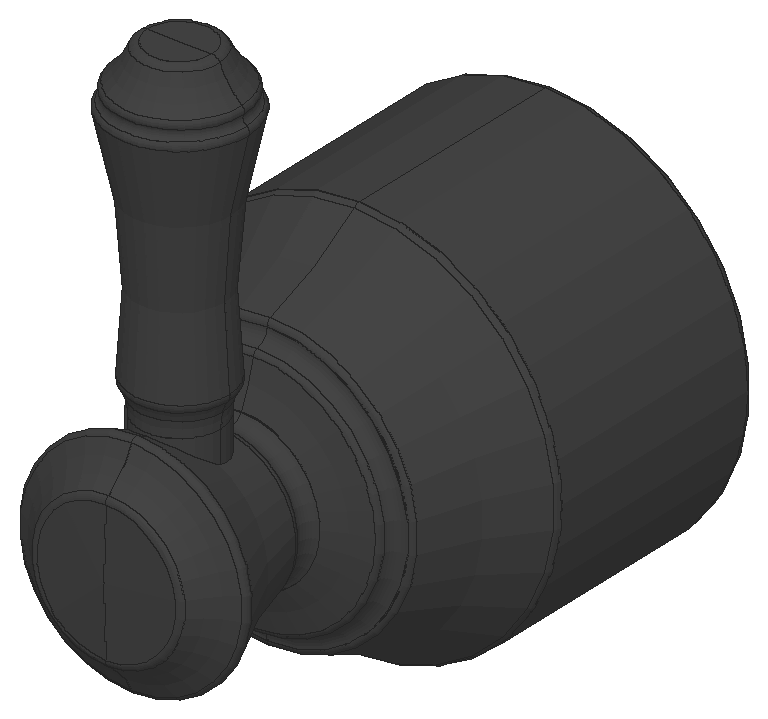
Revit family "Delta Bath Cassidy FGH597", category Plumbing Fixtures, host Wall, Revit 2013
Parameters
  URL = "http://www.deltafaucet.com "
  Valve = Stainless Steel
  Model = "FGH597"
  Manufacturer = "Delta"
Reference planes (in)
  plane 1: y = -3
  plane 2 "Center (Left/Right)": x = 0
  plane 3 "Wall Edge": y = 9
  plane 4: y = -3
  plane 5: y = -3
  plane 6: y = -0.75108
Forms (in)
  Revolve 1, solid, material "Stainless Steel" <- "Valve", not visible
    sketch origin (0, 0, -12.12621) x (0, 1, 0) y (0, 0, 1)
      loop
        line (-4.0729, 70.06383) -> (-4.0729, 69.11883) -> (-3, 69.11883) -> (-3, 70.03383)
        arc (-3, 70.03383) -> (-3.00879, 70.05505) -> (-3.03, 70.06383) r 0.03
        line (-3.03, 70.06383) -> (-4.0729, 70.06383)
      axis (-3, 69.11883) -> (-4.0729, 69.11883)
    angle from 0 to 360
  Revolve 2, solid, material "Stainless Steel" <- "Valve", not visible
    sketch origin (0, 0, -12.12621) x (0, 1, 0) y (0, 0, 1)
      loop
        line (-4.61189, 69.77715) -> (-4.61189, 69.11883) -> (-4.0729, 69.11883) -> (-4.0729, 70.06383)
        arc (-4.0729, 70.06383) -> (-4.0879, 70.05905) -> (-4.10101, 70.05034) r 0.0569
        arc (-4.10101, 70.05034) -> (-4.33562, 69.90704) -> (-4.59118, 69.80568) r 1.61223
        arc (-4.59118, 69.80568) -> (-4.60616, 69.79478) -> (-4.61189, 69.77715) r 0.03
      axis (-4.0729, 69.11883) -> (-4.61189, 69.11883)
    angle from 0 to 360
  Revolve 3, solid, material "Stainless Steel" <- "Valve", not visible
    sketch origin (0, 0, -12.12621) x (0, 1, 0) y (0, 0, 1)
      loop
        arc (-4.69139, 69.68624) -> (-4.72035, 69.58411) -> (-4.76373, 69.48712) r 0.73757
        line (-4.76373, 69.48712) -> (-4.76373, 69.11839) -> (-4.61189, 69.11839) -> (-4.61189, 69.77715)
        arc (-4.61189, 69.77715) -> (-4.62737, 69.73316) -> (-4.66762, 69.70962) r 0.06769
        arc (-4.66762, 69.70962) -> (-4.68305, 69.70154) -> (-4.69139, 69.68624) r 0.03
      axis (-4.61189, 69.11839) -> (-4.76373, 69.11839)
    angle from 0 to 360
  Revolve 4, solid, material "Stainless Steel" <- "Valve", not visible
    sketch origin (0, 0, -12.12621) x (0, 1, 0) y (0, 0, 1)
      loop
        line (-4.76373, 69.11839) -> (-5.5668, 69.11839) -> (-5.55622, 68.79093)
        arc (-5.55622, 68.79093) -> (-5.55304, 68.77366) -> (-5.54166, 68.76028) r 0.03398
        arc (-5.54166, 68.76028) -> (-5.46375, 68.68921) -> (-5.40766, 68.59992) r 0.39129
        arc (-5.40766, 68.59992) -> (-5.38954, 68.58376) -> (-5.36539, 68.5863) r 0.03
        arc (-5.36539, 68.5863) -> (-5.14262, 68.68969) -> (-4.90531, 68.75292) r 1.41217
        arc (-4.90531, 68.75292) -> (-4.88969, 68.7568) -> (-4.87667, 68.76628) r 0.04199
        arc (-4.87667, 68.76628) -> (-4.81647, 68.78806) -> (-4.76373, 68.75175) r 0.07
        line (-4.76373, 68.75175) -> (-4.76373, 69.11839)
      axis (-4.76373, 69.11839) -> (-5.5668, 69.11839)
    angle from 0 to 360
  Revolve 5, solid, material "Stainless Steel" <- "Valve", not visible
    sketch origin (0, -5.12368, -12.13012) x (1, 0, 0) y (0, 0, 1)
      loop
        line (0.14993, 71.19987) -> (0, 71.19987) -> (0, 69.41559) -> (0.19216, 69.41559) -> (0.19216, 69.64387)
        arc (0.19216, 69.64387) -> (0.19395, 69.68235) -> (0.20152, 69.72012) r 0.2551
        arc (0.20152, 69.72012) -> (0.2114, 69.74617) -> (0.22501, 69.77048) r 0.18848
        arc (0.22501, 69.77048) -> (0.23262, 69.78582) -> (0.2337, 69.80291) r 0.04336
        arc (0.2337, 69.80291) -> (0.21786, 70.36619) -> (0.32279, 70.91983) r 2.62093
        arc (0.32279, 70.91983) -> (0.32246, 70.93816) -> (0.31146, 70.95292) r 0.03
        arc (0.31146, 70.95292) -> (0.29611, 70.97273) -> (0.29874, 70.99766) r 0.0336
        arc (0.29874, 70.99766) -> (0.3004, 71.01603) -> (0.29099, 71.0319) r 0.03
        arc (0.29099, 71.0319) -> (0.23122, 71.09863) -> (0.18857, 71.17741) r 0.38339
        arc (0.18857, 71.17741) -> (0.17228, 71.19385) -> (0.14993, 71.19987) r 0.04448
      axis (0, 71.19987) -> (0, 69.41559)
    angle from 0 to 360
  Revolve 6, solid, material "Stainless Steel" <- "Valve", not visible
    sketch origin (0, 0, -54.12621) x (0, 1, 0) y (0, 0, 1)
      loop
        line (-4.0729, 70.06383) -> (-4.0729, 69.11883) -> (-3, 69.11883) -> (-3, 70.03383)
        arc (-3, 70.03383) -> (-3.00879, 70.05505) -> (-3.03, 70.06383) r 0.03
        line (-3.03, 70.06383) -> (-4.0729, 70.06383)
      axis (-3, 69.11883) -> (-4.0729, 69.11883)
    angle from 0 to 360
  Revolve 7, solid, material "Stainless Steel" <- "Valve", not visible
    sketch origin (0, 0, -54.12621) x (0, 1, 0) y (0, 0, 1)
      loop
        line (-4.61189, 69.77715) -> (-4.61189, 69.11883) -> (-4.0729, 69.11883) -> (-4.0729, 70.06383)
        arc (-4.0729, 70.06383) -> (-4.0879, 70.05905) -> (-4.10101, 70.05034) r 0.0569
        arc (-4.10101, 70.05034) -> (-4.33562, 69.90704) -> (-4.59118, 69.80568) r 1.61223
        arc (-4.59118, 69.80568) -> (-4.60616, 69.79478) -> (-4.61189, 69.77715) r 0.03
      axis (-4.0729, 69.11883) -> (-4.61189, 69.11883)
    angle from 0 to 360
  Revolve 8, solid, material "Stainless Steel" <- "Valve", not visible
    sketch origin (0, 0, -54.12621) x (0, 1, 0) y (0, 0, 1)
      loop
        arc (-4.69139, 69.68624) -> (-4.72035, 69.58411) -> (-4.76373, 69.48712) r 0.73757
        line (-4.76373, 69.48712) -> (-4.76373, 69.11839) -> (-4.61189, 69.11839) -> (-4.61189, 69.77715)
        arc (-4.61189, 69.77715) -> (-4.62737, 69.73316) -> (-4.66762, 69.70962) r 0.06769
        arc (-4.66762, 69.70962) -> (-4.68305, 69.70154) -> (-4.69139, 69.68624) r 0.03
      axis (-4.61189, 69.11839) -> (-4.76373, 69.11839)
    angle from 0 to 360
  Revolve 9, solid, material "Stainless Steel" <- "Valve", not visible
    sketch origin (0, 0, -54.12621) x (0, 1, 0) y (0, 0, 1)
      loop
        line (-4.76373, 69.11839) -> (-5.5668, 69.11839) -> (-5.55622, 68.79093)
        arc (-5.55622, 68.79093) -> (-5.55304, 68.77366) -> (-5.54166, 68.76028) r 0.03398
        arc (-5.54166, 68.76028) -> (-5.46375, 68.68921) -> (-5.40766, 68.59992) r 0.39129
        arc (-5.40766, 68.59992) -> (-5.38954, 68.58376) -> (-5.36539, 68.5863) r 0.03
        arc (-5.36539, 68.5863) -> (-5.14262, 68.68969) -> (-4.90531, 68.75292) r 1.41217
        arc (-4.90531, 68.75292) -> (-4.88969, 68.7568) -> (-4.87667, 68.76628) r 0.04199
        arc (-4.87667, 68.76628) -> (-4.81647, 68.78806) -> (-4.76373, 68.75175) r 0.07
        line (-4.76373, 68.75175) -> (-4.76373, 69.11839)
      axis (-4.76373, 69.11839) -> (-5.5668, 69.11839)
    angle from 0 to 360
  Revolve 10, solid, material "Stainless Steel" <- "Valve", not visible
    sketch origin (0, -5.12368, -54.13012) x (1, 0, 0) y (0, 0, 1)
      loop
        line (0.14993, 71.19987) -> (0, 71.19987) -> (0, 69.41559) -> (0.19216, 69.41559) -> (0.19216, 69.64387)
        arc (0.19216, 69.64387) -> (0.19395, 69.68235) -> (0.20152, 69.72012) r 0.2551
        arc (0.20152, 69.72012) -> (0.2114, 69.74617) -> (0.22501, 69.77048) r 0.18848
        arc (0.22501, 69.77048) -> (0.23262, 69.78582) -> (0.2337, 69.80291) r 0.04336
        arc (0.2337, 69.80291) -> (0.21786, 70.36619) -> (0.32279, 70.91983) r 2.62093
        arc (0.32279, 70.91983) -> (0.32246, 70.93816) -> (0.31146, 70.95292) r 0.03
        arc (0.31146, 70.95292) -> (0.29611, 70.97273) -> (0.29874, 70.99766) r 0.0336
        arc (0.29874, 70.99766) -> (0.3004, 71.01603) -> (0.29099, 71.0319) r 0.03
        arc (0.29099, 71.0319) -> (0.23122, 71.09863) -> (0.18857, 71.17741) r 0.38339
        arc (0.18857, 71.17741) -> (0.17228, 71.19385) -> (0.14993, 71.19987) r 0.04448
      axis (0, 71.19987) -> (0, 69.41559)
    angle from 0 to 360
  Revolve 11, solid, material "Stainless Steel" <- "Valve", not visible
    sketch origin (0, 2.95774, -53.44195) x (0, 1, 0) y (0, 0, 1)
      loop
        line (-4.0729, 70.06383) -> (-4.0729, 69.11883) -> (-2.95412, 69.11883) -> (-2.95412, 70.03383)
        arc (-2.95412, 70.03383) -> (-2.96291, 70.05505) -> (-2.98412, 70.06383) r 0.03
        line (-2.98412, 70.06383) -> (-4.0729, 70.06383)
      axis (-2.95412, 69.11883) -> (-4.0729, 69.11883)
    angle from 0 to 360
  Revolve 12, solid, material "Stainless Steel" <- "Valve", not visible
    sketch origin (0, 2.95774, -53.44195) x (0, 1, 0) y (0, 0, 1)
      loop
        line (-4.61189, 69.77715) -> (-4.61189, 69.11883) -> (-4.0729, 69.11883) -> (-4.0729, 70.06383)
        arc (-4.0729, 70.06383) -> (-4.0879, 70.05905) -> (-4.10101, 70.05034) r 0.0569
        arc (-4.10101, 70.05034) -> (-4.33562, 69.90704) -> (-4.59118, 69.80568) r 1.61223
        arc (-4.59118, 69.80568) -> (-4.60616, 69.79478) -> (-4.61189, 69.77715) r 0.03
      axis (-4.0729, 69.11883) -> (-4.61189, 69.11883)
    angle from 0 to 360
  Revolve 13, solid, material "Stainless Steel" <- "Valve", not visible
    sketch origin (0, 2.95774, -53.44195) x (0, 1, 0) y (0, 0, 1)
      loop
        arc (-4.69139, 69.68624) -> (-4.72035, 69.58411) -> (-4.76373, 69.48712) r 0.73757
        line (-4.76373, 69.48712) -> (-4.76373, 69.11839) -> (-4.61189, 69.11839) -> (-4.61189, 69.77715)
        arc (-4.61189, 69.77715) -> (-4.62737, 69.73316) -> (-4.66762, 69.70962) r 0.06769
        arc (-4.66762, 69.70962) -> (-4.68305, 69.70154) -> (-4.69139, 69.68624) r 0.03
      axis (-4.61189, 69.11839) -> (-4.76373, 69.11839)
    angle from 0 to 360
  Revolve 14, solid, material "Stainless Steel" <- "Valve", not visible
    sketch origin (0, 2.95774, -53.44195) x (0, 1, 0) y (0, 0, 1)
      loop
        line (-4.76373, 69.11839) -> (-5.5668, 69.11839) -> (-5.55622, 68.79093)
        arc (-5.55622, 68.79093) -> (-5.55304, 68.77366) -> (-5.54166, 68.76028) r 0.03398
        arc (-5.54166, 68.76028) -> (-5.46375, 68.68921) -> (-5.40766, 68.59992) r 0.39129
        arc (-5.40766, 68.59992) -> (-5.38954, 68.58376) -> (-5.36539, 68.5863) r 0.03
        arc (-5.36539, 68.5863) -> (-5.14262, 68.68969) -> (-4.90531, 68.75292) r 1.41217
        arc (-4.90531, 68.75292) -> (-4.88969, 68.7568) -> (-4.87667, 68.76628) r 0.04199
        arc (-4.87667, 68.76628) -> (-4.81647, 68.78806) -> (-4.76373, 68.75175) r 0.07
        line (-4.76373, 68.75175) -> (-4.76373, 69.11839)
      axis (-4.76373, 69.11839) -> (-5.5668, 69.11839)
    angle from 0 to 360
  Revolve 15, solid, material "Stainless Steel" <- "Valve", not visible
    sketch origin (0, -2.16593, -53.44586) x (1, 0, 0) y (0, 0, 1)
      loop
        line (0.14993, 71.19987) -> (0, 71.19987) -> (0, 69.41559) -> (0.19216, 69.41559) -> (0.19216, 69.64387)
        arc (0.19216, 69.64387) -> (0.19395, 69.68235) -> (0.20152, 69.72012) r 0.2551
        arc (0.20152, 69.72012) -> (0.2114, 69.74617) -> (0.22501, 69.77048) r 0.18848
        arc (0.22501, 69.77048) -> (0.23262, 69.78582) -> (0.2337, 69.80291) r 0.04336
        arc (0.2337, 69.80291) -> (0.21786, 70.36619) -> (0.32279, 70.91983) r 2.62093
        arc (0.32279, 70.91983) -> (0.32246, 70.93816) -> (0.31146, 70.95292) r 0.03
        arc (0.31146, 70.95292) -> (0.29611, 70.97273) -> (0.29874, 70.99766) r 0.0336
        arc (0.29874, 70.99766) -> (0.3004, 71.01603) -> (0.29099, 71.0319) r 0.03
        arc (0.29099, 71.0319) -> (0.23122, 71.09863) -> (0.18857, 71.17741) r 0.38339
        arc (0.18857, 71.17741) -> (0.17228, 71.19385) -> (0.14993, 71.19987) r 0.04448
      axis (0, 71.19987) -> (0, 69.41559)
    angle from 0 to 360
  Revolve 16, solid, material "Stainless Steel" <- "Valve", not visible
    sketch origin (0, 2.95774, -53.44195) x (0, 1, 0) y (0, 0, 1)
      loop
        line (-4.0729, 70.06383) -> (-4.0729, 69.11883) -> (-2.95412, 69.11883) -> (-2.95412, 70.03383)
        arc (-2.95412, 70.03383) -> (-2.96291, 70.05505) -> (-2.98412, 70.06383) r 0.03
        line (-2.98412, 70.06383) -> (-4.0729, 70.06383)
      axis (-2.95412, 69.11883) -> (-4.0729, 69.11883)
    angle from 0 to 360
  Revolve 17, solid, material "Stainless Steel" <- "Valve", not visible
    sketch origin (0, 2.95774, -53.44195) x (0, 1, 0) y (0, 0, 1)
      loop
        line (-4.61189, 69.77715) -> (-4.61189, 69.11883) -> (-4.0729, 69.11883) -> (-4.0729, 70.06383)
        arc (-4.0729, 70.06383) -> (-4.0879, 70.05905) -> (-4.10101, 70.05034) r 0.0569
        arc (-4.10101, 70.05034) -> (-4.33562, 69.90704) -> (-4.59118, 69.80568) r 1.61223
        arc (-4.59118, 69.80568) -> (-4.60616, 69.79478) -> (-4.61189, 69.77715) r 0.03
      axis (-4.0729, 69.11883) -> (-4.61189, 69.11883)
    angle from 0 to 360
  Revolve 18, solid, material "Stainless Steel" <- "Valve", not visible
    sketch origin (0, 2.95774, -53.44195) x (0, 1, 0) y (0, 0, 1)
      loop
        arc (-4.69139, 69.68624) -> (-4.72035, 69.58411) -> (-4.76373, 69.48712) r 0.73757
        line (-4.76373, 69.48712) -> (-4.76373, 69.11839) -> (-4.61189, 69.11839) -> (-4.61189, 69.77715)
        arc (-4.61189, 69.77715) -> (-4.62737, 69.73316) -> (-4.66762, 69.70962) r 0.06769
        arc (-4.66762, 69.70962) -> (-4.68305, 69.70154) -> (-4.69139, 69.68624) r 0.03
      axis (-4.61189, 69.11839) -> (-4.76373, 69.11839)
    angle from 0 to 360
  Revolve 19, solid, material "Stainless Steel" <- "Valve", not visible
    sketch origin (0, 2.95774, -53.44195) x (0, 1, 0) y (0, 0, 1)
      loop
        line (-4.76373, 69.11839) -> (-5.5668, 69.11839) -> (-5.55622, 68.79093)
        arc (-5.55622, 68.79093) -> (-5.55304, 68.77366) -> (-5.54166, 68.76028) r 0.03398
        arc (-5.54166, 68.76028) -> (-5.46375, 68.68921) -> (-5.40766, 68.59992) r 0.39129
        arc (-5.40766, 68.59992) -> (-5.38954, 68.58376) -> (-5.36539, 68.5863) r 0.03
        arc (-5.36539, 68.5863) -> (-5.14262, 68.68969) -> (-4.90531, 68.75292) r 1.41217
        arc (-4.90531, 68.75292) -> (-4.88969, 68.7568) -> (-4.87667, 68.76628) r 0.04199
        arc (-4.87667, 68.76628) -> (-4.81647, 68.78806) -> (-4.76373, 68.75175) r 0.07
        line (-4.76373, 68.75175) -> (-4.76373, 69.11839)
      axis (-4.76373, 69.11839) -> (-5.5668, 69.11839)
    angle from 0 to 360
  Revolve 20, solid, material "Stainless Steel" <- "Valve", not visible
    sketch origin (0, -2.16593, -53.44586) x (1, 0, 0) y (0, 0, 1)
      loop
        line (0.14993, 71.19987) -> (0, 71.19987) -> (0, 69.41559) -> (0.19216, 69.41559) -> (0.19216, 69.64387)
        arc (0.19216, 69.64387) -> (0.19395, 69.68235) -> (0.20152, 69.72012) r 0.2551
        arc (0.20152, 69.72012) -> (0.2114, 69.74617) -> (0.22501, 69.77048) r 0.18848
        arc (0.22501, 69.77048) -> (0.23262, 69.78582) -> (0.2337, 69.80291) r 0.04336
        arc (0.2337, 69.80291) -> (0.21786, 70.36619) -> (0.32279, 70.91983) r 2.62093
        arc (0.32279, 70.91983) -> (0.32246, 70.93816) -> (0.31146, 70.95292) r 0.03
        arc (0.31146, 70.95292) -> (0.29611, 70.97273) -> (0.29874, 70.99766) r 0.0336
        arc (0.29874, 70.99766) -> (0.3004, 71.01603) -> (0.29099, 71.0319) r 0.03
        arc (0.29099, 71.0319) -> (0.23122, 71.09863) -> (0.18857, 71.17741) r 0.38339
        arc (0.18857, 71.17741) -> (0.17228, 71.19385) -> (0.14993, 71.19987) r 0.04448
      axis (0, 71.19987) -> (0, 69.41559)
    angle from 0 to 360
  Revolve 21, solid, material "Stainless Steel" <- "Valve"
    sketch origin (0, -0.04117, -53.44195) x (0, 1, 0) y (0, 0, 1)
      loop
        line (-4.0729, 70.06383) -> (-4.0729, 69.11883) -> (-2.95412, 69.11883) -> (-2.95412, 70.03383)
        arc (-2.95412, 70.03383) -> (-2.96291, 70.05505) -> (-2.98412, 70.06383) r 0.03
        line (-2.98412, 70.06383) -> (-4.0729, 70.06383)
      axis (-2.95412, 69.11883) -> (-4.0729, 69.11883)
    angle from 0 to 360
  Revolve 22, solid, material "Stainless Steel" <- "Valve"
    sketch origin (0, -0.04117, -53.44195) x (0, 1, 0) y (0, 0, 1)
      loop
        line (-4.61189, 69.77715) -> (-4.61189, 69.11883) -> (-4.0729, 69.11883) -> (-4.0729, 70.06383)
        arc (-4.0729, 70.06383) -> (-4.0879, 70.05905) -> (-4.10101, 70.05034) r 0.0569
        arc (-4.10101, 70.05034) -> (-4.33562, 69.90704) -> (-4.59118, 69.80568) r 1.61223
        arc (-4.59118, 69.80568) -> (-4.60616, 69.79478) -> (-4.61189, 69.77715) r 0.03
      axis (-4.0729, 69.11883) -> (-4.61189, 69.11883)
    angle from 0 to 360
  Revolve 23, solid, material "Stainless Steel" <- "Valve"
    sketch origin (0, -0.04117, -53.44195) x (0, 1, 0) y (0, 0, 1)
      loop
        arc (-4.69139, 69.68624) -> (-4.72035, 69.58411) -> (-4.76373, 69.48712) r 0.73757
        line (-4.76373, 69.48712) -> (-4.76373, 69.11839) -> (-4.61189, 69.11839) -> (-4.61189, 69.77715)
        arc (-4.61189, 69.77715) -> (-4.62737, 69.73316) -> (-4.66762, 69.70962) r 0.06769
        arc (-4.66762, 69.70962) -> (-4.68305, 69.70154) -> (-4.69139, 69.68624) r 0.03
      axis (-4.61189, 69.11839) -> (-4.76373, 69.11839)
    angle from 0 to 360
  Revolve 24, solid, material "Stainless Steel" <- "Valve"
    sketch origin (0, -0.04117, -53.44195) x (0, 1, 0) y (0, 0, 1)
      loop
        line (-4.76373, 69.11839) -> (-5.5668, 69.11839) -> (-5.55622, 68.79093)
        arc (-5.55622, 68.79093) -> (-5.55304, 68.77366) -> (-5.54166, 68.76028) r 0.03398
        arc (-5.54166, 68.76028) -> (-5.46375, 68.68921) -> (-5.40766, 68.59992) r 0.39129
        arc (-5.40766, 68.59992) -> (-5.38954, 68.58376) -> (-5.36539, 68.5863) r 0.03
        arc (-5.36539, 68.5863) -> (-5.14262, 68.68969) -> (-4.90531, 68.75292) r 1.41217
        arc (-4.90531, 68.75292) -> (-4.88969, 68.7568) -> (-4.87667, 68.76628) r 0.04199
        arc (-4.87667, 68.76628) -> (-4.81647, 68.78806) -> (-4.76373, 68.75175) r 0.07
        line (-4.76373, 68.75175) -> (-4.76373, 69.11839)
      axis (-4.76373, 69.11839) -> (-5.5668, 69.11839)
    angle from 0 to 360
  Revolve 25, solid, material "Stainless Steel" <- "Valve"
    sketch origin (0, -5.16485, -53.44586) x (1, 0, 0) y (0, 0, 1)
      loop
        line (0.14993, 71.19987) -> (0, 71.19987) -> (0, 69.41559) -> (0.19216, 69.41559) -> (0.19216, 69.64387)
        arc (0.19216, 69.64387) -> (0.19395, 69.68235) -> (0.20152, 69.72012) r 0.2551
        arc (0.20152, 69.72012) -> (0.2114, 69.74617) -> (0.22501, 69.77048) r 0.18848
        arc (0.22501, 69.77048) -> (0.23262, 69.78582) -> (0.2337, 69.80291) r 0.04336
        arc (0.2337, 69.80291) -> (0.21786, 70.36619) -> (0.32279, 70.91983) r 2.62093
        arc (0.32279, 70.91983) -> (0.32246, 70.93816) -> (0.31146, 70.95292) r 0.03
        arc (0.31146, 70.95292) -> (0.29611, 70.97273) -> (0.29874, 70.99766) r 0.0336
        arc (0.29874, 70.99766) -> (0.3004, 71.01603) -> (0.29099, 71.0319) r 0.03
        arc (0.29099, 71.0319) -> (0.23122, 71.09863) -> (0.18857, 71.17741) r 0.38339
        arc (0.18857, 71.17741) -> (0.17228, 71.19385) -> (0.14993, 71.19987) r 0.04448
      axis (0, 71.19987) -> (0, 69.41559)
    angle from 0 to 360
  Revolve 26, solid, material "Stainless Steel" <- "Valve", not visible
    sketch origin (0, 2.20774, -53.44195) x (0, 1, 0) y (0, 0, 1)
      loop
        line (-4.0729, 70.06383) -> (-4.0729, 69.11883) -> (-2.95412, 69.11883) -> (-2.95412, 70.03383)
        arc (-2.95412, 70.03383) -> (-2.96291, 70.05505) -> (-2.98412, 70.06383) r 0.03
        line (-2.98412, 70.06383) -> (-4.0729, 70.06383)
      axis (-2.95412, 69.11883) -> (-4.0729, 69.11883)
    angle from 0 to 360
  Revolve 27, solid, material "Stainless Steel" <- "Valve", not visible
    sketch origin (0, 2.20774, -53.44195) x (0, 1, 0) y (0, 0, 1)
      loop
        line (-4.61189, 69.77715) -> (-4.61189, 69.11883) -> (-4.0729, 69.11883) -> (-4.0729, 70.06383)
        arc (-4.0729, 70.06383) -> (-4.0879, 70.05905) -> (-4.10101, 70.05034) r 0.0569
        arc (-4.10101, 70.05034) -> (-4.33562, 69.90704) -> (-4.59118, 69.80568) r 1.61223
        arc (-4.59118, 69.80568) -> (-4.60616, 69.79478) -> (-4.61189, 69.77715) r 0.03
      axis (-4.0729, 69.11883) -> (-4.61189, 69.11883)
    angle from 0 to 360
  Revolve 28, solid, material "Stainless Steel" <- "Valve", not visible
    sketch origin (0, 2.20774, -53.44195) x (0, 1, 0) y (0, 0, 1)
      loop
        arc (-4.69139, 69.68624) -> (-4.72035, 69.58411) -> (-4.76373, 69.48712) r 0.73757
        line (-4.76373, 69.48712) -> (-4.76373, 69.11839) -> (-4.61189, 69.11839) -> (-4.61189, 69.77715)
        arc (-4.61189, 69.77715) -> (-4.62737, 69.73316) -> (-4.66762, 69.70962) r 0.06769
        arc (-4.66762, 69.70962) -> (-4.68305, 69.70154) -> (-4.69139, 69.68624) r 0.03
      axis (-4.61189, 69.11839) -> (-4.76373, 69.11839)
    angle from 0 to 360
  Revolve 29, solid, material "Stainless Steel" <- "Valve", not visible
    sketch origin (0, 2.20774, -53.44195) x (0, 1, 0) y (0, 0, 1)
      loop
        line (-4.76373, 69.11839) -> (-5.5668, 69.11839) -> (-5.55622, 68.79093)
        arc (-5.55622, 68.79093) -> (-5.55304, 68.77366) -> (-5.54166, 68.76028) r 0.03398
        arc (-5.54166, 68.76028) -> (-5.46375, 68.68921) -> (-5.40766, 68.59992) r 0.39129
        arc (-5.40766, 68.59992) -> (-5.38954, 68.58376) -> (-5.36539, 68.5863) r 0.03
        arc (-5.36539, 68.5863) -> (-5.14262, 68.68969) -> (-4.90531, 68.75292) r 1.41217
        arc (-4.90531, 68.75292) -> (-4.88969, 68.7568) -> (-4.87667, 68.76628) r 0.04199
        arc (-4.87667, 68.76628) -> (-4.81647, 68.78806) -> (-4.76373, 68.75175) r 0.07
        line (-4.76373, 68.75175) -> (-4.76373, 69.11839)
      axis (-4.76373, 69.11839) -> (-5.5668, 69.11839)
    angle from 0 to 360
  Revolve 30, solid, material "Stainless Steel" <- "Valve", not visible
    sketch origin (0, -2.91593, -53.44586) x (1, 0, 0) y (0, 0, 1)
      loop
        line (0.14993, 71.19987) -> (0, 71.19987) -> (0, 69.41559) -> (0.19216, 69.41559) -> (0.19216, 69.64387)
        arc (0.19216, 69.64387) -> (0.19395, 69.68235) -> (0.20152, 69.72012) r 0.2551
        arc (0.20152, 69.72012) -> (0.2114, 69.74617) -> (0.22501, 69.77048) r 0.18848
        arc (0.22501, 69.77048) -> (0.23262, 69.78582) -> (0.2337, 69.80291) r 0.04336
        arc (0.2337, 69.80291) -> (0.21786, 70.36619) -> (0.32279, 70.91983) r 2.62093
        arc (0.32279, 70.91983) -> (0.32246, 70.93816) -> (0.31146, 70.95292) r 0.03
        arc (0.31146, 70.95292) -> (0.29611, 70.97273) -> (0.29874, 70.99766) r 0.0336
        arc (0.29874, 70.99766) -> (0.3004, 71.01603) -> (0.29099, 71.0319) r 0.03
        arc (0.29099, 71.0319) -> (0.23122, 71.09863) -> (0.18857, 71.17741) r 0.38339
        arc (0.18857, 71.17741) -> (0.17228, 71.19385) -> (0.14993, 71.19987) r 0.04448
      axis (0, 71.19987) -> (0, 69.41559)
    angle from 0 to 360
  Revolve 31, solid, material "Stainless Steel" <- "Valve", not visible
    sketch origin (0, 2.20774, -53.44195) x (0, 1, 0) y (0, 0, 1)
      loop
        line (-4.0729, 70.06383) -> (-4.0729, 69.11883) -> (-2.95412, 69.11883) -> (-2.95412, 70.03383)
        arc (-2.95412, 70.03383) -> (-2.96291, 70.05505) -> (-2.98412, 70.06383) r 0.03
        line (-2.98412, 70.06383) -> (-4.0729, 70.06383)
      axis (-2.95412, 69.11883) -> (-4.0729, 69.11883)
    angle from 0 to 360
  Revolve 32, solid, material "Stainless Steel" <- "Valve", not visible
    sketch origin (0, 2.20774, -53.44195) x (0, 1, 0) y (0, 0, 1)
      loop
        line (-4.61189, 69.77715) -> (-4.61189, 69.11883) -> (-4.0729, 69.11883) -> (-4.0729, 70.06383)
        arc (-4.0729, 70.06383) -> (-4.0879, 70.05905) -> (-4.10101, 70.05034) r 0.0569
        arc (-4.10101, 70.05034) -> (-4.33562, 69.90704) -> (-4.59118, 69.80568) r 1.61223
        arc (-4.59118, 69.80568) -> (-4.60616, 69.79478) -> (-4.61189, 69.77715) r 0.03
      axis (-4.0729, 69.11883) -> (-4.61189, 69.11883)
    angle from 0 to 360
  Revolve 33, solid, material "Stainless Steel" <- "Valve", not visible
    sketch origin (0, 2.20774, -53.44195) x (0, 1, 0) y (0, 0, 1)
      loop
        arc (-4.69139, 69.68624) -> (-4.72035, 69.58411) -> (-4.76373, 69.48712) r 0.73757
        line (-4.76373, 69.48712) -> (-4.76373, 69.11839) -> (-4.61189, 69.11839) -> (-4.61189, 69.77715)
        arc (-4.61189, 69.77715) -> (-4.62737, 69.73316) -> (-4.66762, 69.70962) r 0.06769
        arc (-4.66762, 69.70962) -> (-4.68305, 69.70154) -> (-4.69139, 69.68624) r 0.03
      axis (-4.61189, 69.11839) -> (-4.76373, 69.11839)
    angle from 0 to 360
  Revolve 34, solid, material "Stainless Steel" <- "Valve", not visible
    sketch origin (0, 2.20774, -53.44195) x (0, 1, 0) y (0, 0, 1)
      loop
        line (-4.76373, 69.11839) -> (-5.5668, 69.11839) -> (-5.55622, 68.79093)
        arc (-5.55622, 68.79093) -> (-5.55304, 68.77366) -> (-5.54166, 68.76028) r 0.03398
        arc (-5.54166, 68.76028) -> (-5.46375, 68.68921) -> (-5.40766, 68.59992) r 0.39129
        arc (-5.40766, 68.59992) -> (-5.38954, 68.58376) -> (-5.36539, 68.5863) r 0.03
        arc (-5.36539, 68.5863) -> (-5.14262, 68.68969) -> (-4.90531, 68.75292) r 1.41217
        arc (-4.90531, 68.75292) -> (-4.88969, 68.7568) -> (-4.87667, 68.76628) r 0.04199
        arc (-4.87667, 68.76628) -> (-4.81647, 68.78806) -> (-4.76373, 68.75175) r 0.07
        line (-4.76373, 68.75175) -> (-4.76373, 69.11839)
      axis (-4.76373, 69.11839) -> (-5.5668, 69.11839)
    angle from 0 to 360
  Revolve 35, solid, material "Stainless Steel" <- "Valve", not visible
    sketch origin (0, -2.91593, -53.44586) x (1, 0, 0) y (0, 0, 1)
      loop
        line (0.14993, 71.19987) -> (0, 71.19987) -> (0, 69.41559) -> (0.19216, 69.41559) -> (0.19216, 69.64387)
        arc (0.19216, 69.64387) -> (0.19395, 69.68235) -> (0.20152, 69.72012) r 0.2551
        arc (0.20152, 69.72012) -> (0.2114, 69.74617) -> (0.22501, 69.77048) r 0.18848
        arc (0.22501, 69.77048) -> (0.23262, 69.78582) -> (0.2337, 69.80291) r 0.04336
        arc (0.2337, 69.80291) -> (0.21786, 70.36619) -> (0.32279, 70.91983) r 2.62093
        arc (0.32279, 70.91983) -> (0.32246, 70.93816) -> (0.31146, 70.95292) r 0.03
        arc (0.31146, 70.95292) -> (0.29611, 70.97273) -> (0.29874, 70.99766) r 0.0336
        arc (0.29874, 70.99766) -> (0.3004, 71.01603) -> (0.29099, 71.0319) r 0.03
        arc (0.29099, 71.0319) -> (0.23122, 71.09863) -> (0.18857, 71.17741) r 0.38339
        arc (0.18857, 71.17741) -> (0.17228, 71.19385) -> (0.14993, 71.19987) r 0.04448
      axis (0, 71.19987) -> (0, 69.41559)
    angle from 0 to 360
Text (in)
  text "Placement Side" at (0, 40.15149, 123.01588), in view "Right"
  text "Placement Side" at (-70.3804, 28.46503, 0), in view "Ref. Level"
  text "Placement Side" at (0, 81.62555, 140.59947), in view "Left"
Dimensions and locks (in)
  locked: plane 3 "Wall Edge" to host wall
  aligned and locked: plane 1 to plane 4
  aligned and locked: plane 4 to plane 5
  aligned and locked: plane 5 to host wall
Connectors (in)
  piping at (0, -4.11408, 15.67688)
    settings: on Revolve 21, index 1, connector radius 12", flow factor 0, pipe flow 0 GPM, pressure drop 0.00 psi, fitting loss kfactor 0, connector angle 0.00°, fixture units 0, engagement length 0' - 0", flow configuration 0, flow direction 0, fitting loss method 0, system type 7, joint type 0, gender type 0, connector reference index -1, connector utility 0, adjustable connector no, is connector primary yes, fitting loss table "", connector description ""
  piping at (0, -4.11408, 15.67688)
    settings: on Revolve 21, index 2, connector radius 12", flow factor 0, pipe flow 0 GPM, pressure drop 0.00 psi, fitting loss kfactor 0, connector angle 0.00°, fixture units 0, engagement length 0' - 0", flow configuration 0, flow direction 0, fitting loss method 0, system type 7, joint type 0, gender type 0, connector reference index -1, connector utility 0, adjustable connector no, is connector primary no, fitting loss table "", connector description ""
